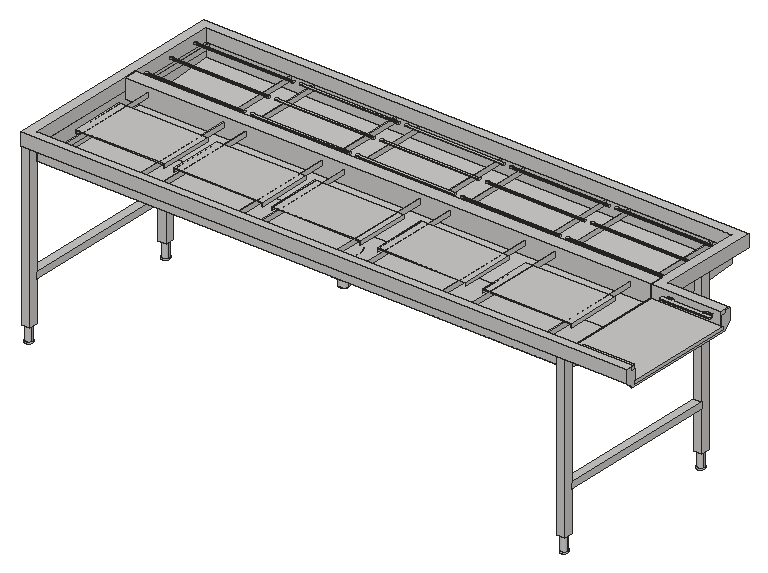
Revit family "QF_ELECTROLUXPROFESSIONAL_865467_HSDDS5RL", category Specialty Equipment, Revit 2018
Family settings
  Round Connector Dimension = Use Diameter
  Part Type = Normal
  Work Plane-Based = No
  Always vertical = Yes
  Cut with Voids When Loaded = No
  Shared = No
  Room Calculation Point = No
Parameters
  Weight = 0.00 kg
  Watts = 0 W
  Volts = 0 V
  URL Manufacturer = ""
  Steam Supply Size = 0 mm
  Steam Supply Minimum Pressure = 0.0 Pa
  Steam Supply Maximum Pressure = 0.0 Pa
  Steam Pounds per Hour = 0
  Refrigeration Suction Line Size = 0 mm
  Refrigeration Liquid Line Size = 0 mm
  Refrigerant Compressor Remote = yes
  Phase = 0
  Length Actual = 0 mm
  Item Number = ""
  Hot Water Size = 0 mm
  Height Actual = 0 mm
  HP = ""
  Gas Size = 0 mm
  Gas KW = 0
  Gas Input Pressure = 0 W
  Depth Actual = 0 mm
  Cycle = 0 Hz
  Condensate Return Size = 0 mm
  Compressed Air Volume = 0.0 L/s
  Compressed Air Size = 0 mm
  Compressed Air Pressure = 0.0 Pa
  Cold Water Size = 0 mm
  Accessory = yes
Reference planes
  plane 1: z = 0
  plane 2 "R": x = 1320
  plane 3: z = 910
  plane 4: z = 0
  plane 5: z = 300
  plane 6 "BACK": y = 310
  plane 7 "FRONT": y = -800
  plane 8 "LEFT": x = -1320
  plane 9: x = 0
  plane 10: y = -310
  plane 11 "RIGHT": x = 1620
Forms (mm)
  Extrusion 1, solid, material "QF_Finishes_Stainless Steel"
    sketch origin (0, -490, 0) x (-1, 0, 0) y (0, -1, 0)
      loop
        line (1320, -800) -> (1320, 310) -> (-1617.022, 310) -> (-1617.022, 265) -> (1275, 265) -> (1275, -755) -> (-1275, -755) -> (-1275, -265) -> (-1617.022, -265) -> (-1617.022, -310) -> (-1320, -310) -> (-1320, -800) -> (1320, -800)
    from 850.091 to 910
  Extrusion 2, solid, material "QF_Finishes_Stainless Steel"
    sketch origin (0, -490, 0) x (0, -1, 0) y (0, 0, 1)
      loop
        line (-756.248, 850.091) -> (-756.248, 781.928) -> (-131.216, 738.138) -> (130.849, 738.138) -> (266.249, 782.13) -> (266.249, 850.091) -> (265, 850.091) -> (265, 784.879) -> (130.374, 741.138) -> (-131.111, 741.138) -> (-755, 784.848) -> (-755, 850.091) -> (-756.248, 850.091)
    from -1275 to 1275
  Revolve 3, solid, material "QF_Finishes_Stainless Steel"
    sketch origin (0, -490.526, -123.199) x (-1, 0, 0) y (0, 0, 1)
      loop
        line (76.494, 861.337) -> (0, 861.337) -> (0, 697.377) -> (21.946, 697.377) -> (23.47, 698.838) -> (23.47, 734.749) -> (37.25, 740.749) -> (37.25, 742.336) -> (38.457, 743.987) -> (38.457, 746.476)
        arc (38.457, 746.476) -> (65.844, 763.962) -> (76.494, 794.661) r 49.516
        line (76.494, 794.661) -> (76.494, 834.985)
        arc (76.494, 834.985) -> (75.887, 836.598) -> (74.377, 837.43) r 2.49
        arc (74.377, 837.43) -> (71.083, 841.301) -> (74.39, 845.16) r 3.913
        arc (74.39, 845.16) -> (75.89, 845.987) -> (76.494, 847.59) r 2.474
        line (76.494, 847.59) -> (76.494, 861.337)
      axis (0, 861.337) -> (0, 697.377)
    angle from 0 to 360
  Extrusion 4, solid, material "QF_Finishes_Stainless Steel"
    sketch origin (0, -490, 0) x (-1, 0, 0) y (0, -1, 0)
      loop
        line (-1275, -330.124) -> (1275, -330.124) -> (1275, -265) -> (-1275, -265) -> (-1275, -330.124)
    from 820 to 910
  Extrusion 5, solid, material "QF_Finishes_Stainless Steel"
    sketch origin (6.015, -490, -602.691) x (-1, 0, 0) y (0, -1, 0)
      loop
        line (1283.015, 266.249) -> (1283.015, -521.738) -> (1323.015, -521.738) -> (1323.015, 266.249) -> (1283.015, 266.249)
    from 872.691 to 902.691
  Extrusion 6, solid, material "QF_Finishes_Stainless Steel"
    sketch origin (-1277, -490, 0) x (0, -1, 0) y (0, 0, 1)
      loop
        line (-756.248, 781.928) -> (-131.216, 738.138) -> (130.849, 738.138) -> (266.249, 782.13) -> (266.249, 850.091) -> (-756.248, 850.091) -> (-756.248, 781.928)
    from 0 to -2
  Extrusion 7, solid, material "QF_Finishes_Stainless Steel"
    sketch origin (-6, -490.054, -598.981) x (1, 0, 0) y (0, 1, 0)
      loop
        line (1283, -266.195) -> (1323, -266.195) -> (1323, 521.792) -> (1283, 521.792) -> (1283, -266.195)
    from 869.081 to 898.981
  Extrusion 8, solid, material "QF_Finishes_Stainless Steel"
    sketch origin (0, -482.737, 2.863) x (-1, 0, 0) y (0, -1, 0)
      loop
        line (-200.029, -694.438) -> (-196.981, -694.438) -> (-196.981, -322.861) -> (-200.029, -322.861) -> (-200.029, -694.438)
      loop
        line (196.981, -694.438) -> (200.029, -694.438) -> (200.029, -322.861) -> (196.981, -322.861) -> (196.981, -694.438)
      loop
        line (1220.049, -694.438) -> (1220.049, -322.861) -> (1217.001, -322.861) -> (1217.001, -694.438) -> (1220.049, -694.438)
      loop
        line (823.039, -694.438) -> (823.039, -322.861) -> (819.991, -322.861) -> (819.991, -694.438) -> (823.039, -694.438)
      loop
        line (710.007, -694.438) -> (710.007, -322.861) -> (707.023, -322.861) -> (707.023, -694.438) -> (710.007, -694.438)
      loop
        line (312.997, -694.438) -> (312.997, -322.861) -> (310.013, -322.861) -> (310.013, -694.438) -> (312.997, -694.438)
      loop
        line (-710.071, -694.438) -> (-707.023, -694.438) -> (-707.023, -322.861) -> (-710.071, -322.861) -> (-710.071, -694.438)
      loop
        line (-313.061, -694.438) -> (-310.013, -694.438) -> (-310.013, -322.861) -> (-313.061, -322.861) -> (-313.061, -694.438)
      loop
        line (-1220.112, -694.438) -> (-1217.064, -694.438) -> (-1217.064, -322.861) -> (-1220.112, -322.861) -> (-1220.112, -694.438)
      loop
        line (-823.103, -694.438) -> (-820.055, -694.438) -> (-820.055, -322.861) -> (-823.103, -322.861) -> (-823.103, -694.438)
    from 860 to 881.896
  Extrusion 9, solid, material "QF_Finishes_Stainless Steel"
    sketch origin (-2327.512, -755, 0) x (0, -1, 0) y (0, 0, -1)
      loop
        circle (-937.158, -888.745) r 3.985
      loop
        circle (-788.819, -888.745) r 3.985
      loop
        circle (-640.48, -888.745) r 3.985
    from 1067.5 to 1547.5
  Extrusion 10, solid, material "QF_Finishes_Stainless Steel"
    sketch origin (-1817.533, -755, 0) x (0, -1, 0) y (0, 0, -1)
      loop
        circle (-937.158, -888.745) r 3.985
      loop
        circle (-788.819, -888.745) r 3.985
      loop
        circle (-640.48, -888.745) r 3.985
    from 1067.5 to 1547.5
  Extrusion 11, solid, material "QF_Finishes_Stainless Steel"
    sketch origin (-1307.491, -755, 0) x (0, -1, 0) y (0, 0, -1)
      loop
        circle (-937.158, -888.745) r 3.985
      loop
        circle (-788.819, -888.745) r 3.985
      loop
        circle (-640.48, -888.745) r 3.985
    from 1067.5 to 1547.5
  Extrusion 12, solid, material "QF_Finishes_Stainless Steel"
    sketch origin (-275, 1800.751, 0) x (0, -1, 0) y (0, 0, -1)
      loop
        line (2597.773, -875) -> (2597.773, -872) -> (2557, -872) -> (2557, -875) -> (2597.773, -875)
    from 0 to 530
  Extrusion 13, solid, material "QF_Finishes_Stainless Steel"
    sketch origin (0, -490, 0) x (1, 0, 0) y (0, 0, -1)
      loop
        line (-1159.991, -862.863) -> (-1163.039, -862.863) -> (-1163.039, -884.759) -> (-1159.991, -884.759) -> (-1159.991, -862.863)
      loop
        line (-794.991, -862.863) -> (-798.039, -862.863) -> (-798.039, -884.759) -> (-794.991, -884.759) -> (-794.991, -862.863)
      loop
        line (-684.991, -862.863) -> (-688.039, -862.863) -> (-688.039, -884.759) -> (-684.991, -884.759) -> (-684.991, -862.863)
      loop
        line (-319.991, -862.863) -> (-323.039, -862.863) -> (-323.039, -884.759) -> (-319.991, -884.759) -> (-319.991, -862.863)
      loop
        line (-209.991, -862.863) -> (-213.039, -862.863) -> (-213.039, -884.759) -> (-209.991, -884.759) -> (-209.991, -862.863)
      loop
        line (155.009, -862.863) -> (151.961, -862.863) -> (151.961, -884.759) -> (155.009, -884.759) -> (155.009, -862.863)
      loop
        line (300.048, -862.863) -> (297, -862.863) -> (297, -884.759) -> (300.048, -884.759) -> (300.048, -862.863)
      loop
        line (665.048, -862.863) -> (662, -862.863) -> (662, -884.759) -> (665.048, -884.759) -> (665.048, -862.863)
      loop
        line (810.048, -862.863) -> (807, -862.863) -> (807, -884.759) -> (810.048, -884.759) -> (810.048, -862.863)
      loop
        line (1175.048, -862.863) -> (1172, -862.863) -> (1172, -884.759) -> (1175.048, -884.759) -> (1175.048, -862.863)
    from -265 to 265
  Extrusion 14, solid, material "QF_Finishes_Stainless Steel"
    sketch origin (2.5, -490, 0) x (1, 0, 0) y (0, 0, -1)
      loop
        line (-769.039, -884.759) -> (-1193.039, -884.759) -> (-1193.039, -871.646) -> (-1196.039, -871.646) -> (-1196.039, -887.746) -> (-766.039, -887.746) -> (-766.039, -871.646) -> (-769.039, -871.646) -> (-769.039, -884.759)
    from -130.374 to 131.111
  Extrusion 15, solid, material "QF_Finishes_Stainless Steel"
    sketch origin (477.5, -490, 0) x (1, 0, 0) y (0, 0, -1)
      loop
        line (-769.039, -884.759) -> (-1193.039, -884.759) -> (-1193.039, -871.646) -> (-1196.039, -871.646) -> (-1196.039, -887.746) -> (-766.039, -887.746) -> (-766.039, -871.646) -> (-769.039, -871.646) -> (-769.039, -884.759)
    from -130.374 to 131.111
  Extrusion 16, solid, material "QF_Finishes_Stainless Steel"
    sketch origin (952.5, -490, 0) x (1, 0, 0) y (0, 0, -1)
      loop
        line (-769.039, -884.759) -> (-1193.039, -884.759) -> (-1193.039, -871.646) -> (-1196.039, -871.646) -> (-1196.039, -887.746) -> (-766.039, -887.746) -> (-766.039, -871.646) -> (-769.039, -871.646) -> (-769.039, -884.759)
    from -130.374 to 131.111
  Extrusion 17, solid, material "QF_Finishes_Stainless Steel"
    sketch origin (-797.45, -755, 0) x (0, -1, 0) y (0, 0, -1)
      loop
        circle (-937.158, -888.745) r 3.985
      loop
        circle (-788.819, -888.745) r 3.985
      loop
        circle (-640.48, -888.745) r 3.985
    from 1067.5 to 1547.5
  Extrusion 18, solid, material "QF_Finishes_Stainless Steel"
    sketch origin (1462.542, -490, 0) x (1, 0, 0) y (0, 0, -1)
      loop
        line (-769.039, -884.759) -> (-1193.039, -884.759) -> (-1193.039, -871.646) -> (-1196.039, -871.646) -> (-1196.039, -887.746) -> (-766.039, -887.746) -> (-766.039, -871.646) -> (-769.039, -871.646) -> (-769.039, -884.759)
    from -130.374 to 131.111
  Extrusion 19, solid, material "QF_Finishes_Stainless Steel"
    sketch origin (1277, -490, 0) x (0, -1, 0) y (0, 0, -1)
      loop
        line (-756.248, -850.091) -> (266.249, -850.091) -> (266.249, -782.13) -> (130.849, -738.138) -> (-131.216, -738.138) -> (-756.248, -781.928) -> (-756.248, -850.091)
    from 0 to -2
  Extrusion 20, solid, material "QF_Finishes_Stainless Steel"
    sketch origin (2067.022, -542.5, 35) x (0, -1, 0) y (0, 0, -1)
      loop
        line (-362.5, -815.091) -> (-362.5, -875) -> (-340, -875) -> (-340, -860) -> (-317.5, -860) -> (-317.5, -808.439) -> (212.5, -808.439) -> (212.5, -860) -> (235, -860) -> (235, -875) -> (257.5, -875) -> (257.5, -815.091) -> (229.909, -787.5) -> (-334.909, -787.5) -> (-362.5, -815.091)
    from -450 to -447.022
  Extrusion 21, solid, material "QF_Finishes_Stainless Steel"
    sketch origin (1020, -490, 0) x (1, 0, 0) y (0, 0, -1)
      loop
        line (597.022, -843.439) -> (257, -847.567) -> (257, -850.068) -> (602.5, -846.169) -> (602.5, -833.439) -> (600, -833.439) -> (600, -843.439) -> (597.022, -843.439)
    from -266.249 to 265
  Extrusion 22, solid, material "QF_Finishes_Stainless Steel"
    sketch origin (1020, -490, 0) x (1, 0, 0) y (0, 1, 0)
      loop
        line (330.912, -247.069) -> (375.912, -247.069) -> (360.435, -262.546) -> (340.435, -262.546) -> (340.435, -265) -> (361.517, -265) -> (379.448, -247.069) -> (516.464, -247.069) -> (534.395, -265) -> (555.477, -265) -> (555.477, -262.546) -> (535.477, -262.546) -> (520, -247.069) -> (565, -247.069)
        arc (565, -247.069) -> (568.536, -245.605) -> (570, -242.069) r 5
        line (570, -242.069) -> (570, -232.503)
        arc (570, -232.503) -> (568.536, -228.968) -> (565, -227.503) r 5
        line (565, -227.503) -> (330.912, -227.503)
        arc (330.912, -227.503) -> (327.376, -228.968) -> (325.912, -232.503) r 5
        line (325.912, -232.503) -> (325.912, -242.069)
        arc (325.912, -242.069) -> (327.376, -245.605) -> (330.912, -247.069) r 5
    from 884.759 to 887.746
  Extrusion 23, solid, material "QF_Finishes_Stainless Steel"
    sketch origin (1020, -490, 0) x (1, 0, 0) y (0, 1, 0)
      loop
        arc (330.912, 247.069) -> (327.376, 245.605) -> (325.912, 242.069) r 5
        line (325.912, 242.069) -> (325.912, 232.503)
        arc (325.912, 232.503) -> (327.376, 228.968) -> (330.912, 227.503) r 5
        line (330.912, 227.503) -> (565, 227.503)
        arc (565, 227.503) -> (568.536, 228.968) -> (570, 232.503) r 5
        line (570, 232.503) -> (570, 242.069)
        arc (570, 242.069) -> (568.536, 245.605) -> (565, 247.069) r 5
        line (565, 247.069) -> (520, 247.069) -> (535.477, 262.546) -> (555.477, 262.546) -> (555.477, 265) -> (534.395, 265) -> (516.464, 247.069) -> (379.448, 247.069) -> (361.517, 265) -> (340.435, 265) -> (340.435, 262.546) -> (360.435, 262.546) -> (375.912, 247.069) -> (330.912, 247.069)
    from 884.759 to 887.746
  Extrusion 24, solid, material "QF_Finishes_Stainless Steel"
    sketch origin (-287.408, -755, 0) x (0, -1, 0) y (0, 0, -1)
      loop
        circle (-937.158, -888.745) r 3.985
      loop
        circle (-788.819, -888.745) r 3.985
      loop
        circle (-640.48, -888.745) r 3.985
    from 1067.5 to 1547.5
  Extrusion 25, solid, material "QF_Finishes_Stainless Steel"
    sketch origin (1972.584, -490, 0) x (1, 0, 0) y (0, 0, -1)
      loop
        line (-769.039, -884.759) -> (-1193.039, -884.759) -> (-1193.039, -871.646) -> (-1196.039, -871.646) -> (-1196.039, -887.746) -> (-766.039, -887.746) -> (-766.039, -871.646) -> (-769.039, -871.646) -> (-769.039, -884.759)
    from -130.374 to 131.111
Lines and regions (mm)
  Split face 1
    outline origin (-123.685, -489.921, 741.138) x (1, 0, 0) y (0, 1, 0)
      loop
        circle (123.685, -0.035) r 73.783
  Split face 2
    outline origin (-123.685, -489.921, 741.138) x (1, 0, 0) y (0, 1, 0)
      loop
        circle (123.685, -0.035) r 66.01
  Split face 3
    outline origin (-123.685, -489.921, 741.138) x (1, 0, 0) y (0, 1, 0)
      loop
        circle (123.685, -0.035) r 53.774
  Split face 4
    outline origin (-123.685, -489.921, 741.138) x (1, 0, 0) y (0, 1, 0)
      loop
        circle (123.685, -0.035) r 50.771
  Split face 5
    outline origin (-123.685, -489.921, 741.138) x (1, 0, 0) y (0, 1, 0)
      loop
        circle (123.685, -0.035) r 33.793
  Split face 6
    outline origin (-123.685, -489.921, 741.138) x (1, 0, 0) y (0, 1, 0)
      loop
        circle (123.685, -0.035) r 30.826
  Split face 7
    outline origin (-123.685, -489.921, 741.138) x (1, 0, 0) y (0, 1, 0)
      loop
        circle (123.685, -0.035) r 13.843
  Split face 8
    outline origin (-123.685, -489.921, 741.138) x (1, 0, 0) y (0, 1, 0)
      loop
        circle (123.685, -0.035) r 10.833
  symbolic lines
    curve 1: line (-1320, -800, 0) -> (1620, -800, 0)
    curve 2: line (-1320, 310, 0) -> (-1320, -800, 0)
    curve 3: line (1320, 310, 0) -> (-1320, 310, 0)
    curve 4: line (1320, -180, 0) -> (1320, 310, 0)
    curve 5: line (-1275, -755, 0) -> (1620, -755, 0)
    curve 6: line (-1275, 265, 0) -> (-1275, -755, 0)
    curve 7: line (1275, 265, 0) -> (-1275, 265, 0)
    curve 8: line (-1275, -225, 0) -> (1620, -225, 0)
    curve 9: line (1275, -159.876, 0) -> (-1275, -159.876, 0)
    curve 10: line (-1260.012, -118.505, 0) -> (-1260.012, -110.535, 0)
    curve 11: line (-1260.012, -110.535, 0) -> (-780.012, -110.535, 0)
    curve 12: line (-780.012, -110.535, 0) -> (-780.012, -118.505, 0)
    curve 13: line (-780.012, -118.505, 0) -> (-1260.012, -118.505, 0)
    curve 14: line (-1260.012, 29.834, 0) -> (-1260.012, 37.804, 0)
    curve 15: line (-1260.012, 37.804, 0) -> (-780.012, 37.804, 0)
    curve 16: line (-780.012, 37.804, 0) -> (-780.012, 29.834, 0)
    curve 17: line (-780.012, 29.834, 0) -> (-1260.012, 29.834, 0)
    curve 18: line (-1260.012, 178.173, 0) -> (-1260.012, 186.143, 0)
    curve 19: line (-1260.012, 186.143, 0) -> (-780.012, 186.143, 0)
    curve 20: line (-780.012, 186.143, 0) -> (-780.012, 178.173, 0)
    curve 21: line (-780.012, 178.173, 0) -> (-1260.012, 178.173, 0)
    curve 22: line (-1220.049, -159.876, 0) -> (-1220.049, -118.505, 0)
    curve 23: line (-1217.001, -159.876, 0) -> (-1217.001, -118.505, 0)
    curve 24: line (-1220.049, -110.535, 0) -> (-1220.049, 29.834, 0)
    curve 25: line (-1220.049, 211.7, 0) -> (-1220.049, 186.143, 0)
    curve 26: line (-1220.049, 211.7, 0) -> (-1217.001, 211.7, 0)
    curve 27: line (-1217.001, 211.7, 0) -> (-1217.001, 186.143, 0)
    curve 28: line (-1220.049, 178.173, 0) -> (-1220.049, 37.804, 0)
    curve 29: line (-1217.001, 37.804, 0) -> (-1217.001, 178.173, 0)
    curve 30: line (-1217.001, 29.834, 0) -> (-1217.001, -110.535, 0)
    curve 31: line (-823.039, -159.876, 0) -> (-823.039, -118.505, 0)
    curve 32: line (-819.992, -159.876, 0) -> (-819.992, -118.505, 0)
    curve 33: line (-823.039, -110.535, 0) -> (-823.039, 29.834, 0)
    curve 34: line (-823.039, 211.7, 0) -> (-823.039, 186.143, 0)
    curve 35: line (-823.039, 211.7, 0) -> (-819.992, 211.7, 0)
    curve 36: line (-819.992, 211.7, 0) -> (-819.992, 186.143, 0)
    curve 37: line (-823.039, 178.173, 0) -> (-823.039, 37.804, 0)
    curve 38: line (-819.992, 37.804, 0) -> (-819.992, 178.173, 0)
    curve 39: line (-819.992, 29.834, 0) -> (-819.992, -110.535, 0)
    curve 40: line (-750.033, -118.505, 0) -> (-750.033, -110.535, 0)
    curve 41: line (-750.033, -110.535, 0) -> (-270.033, -110.535, 0)
    curve 42: line (-270.033, -110.535, 0) -> (-270.033, -118.505, 0)
    curve 43: line (-270.033, -118.505, 0) -> (-750.033, -118.505, 0)
    curve 44: line (-750.033, 29.834, 0) -> (-750.033, 37.804, 0)
    curve 45: line (-750.033, 37.804, 0) -> (-270.033, 37.804, 0)
    curve 46: line (-270.033, 37.804, 0) -> (-270.033, 29.834, 0)
    curve 47: line (-270.033, 29.834, 0) -> (-750.033, 29.834, 0)
    curve 48: line (-750.033, 178.173, 0) -> (-750.033, 186.143, 0)
    curve 49: line (-750.033, 186.143, 0) -> (-270.033, 186.143, 0)
    curve 50: line (-270.033, 186.143, 0) -> (-270.033, 178.173, 0)
    curve 51: line (-270.033, 178.173, 0) -> (-750.033, 178.173, 0)
    curve 52: line (-710.071, -159.876, 0) -> (-710.071, -118.505, 0)
    curve 53: line (-707.023, -159.876, 0) -> (-707.023, -118.505, 0)
    curve 54: line (-710.071, -110.535, 0) -> (-710.071, 29.834, 0)
    curve 55: line (-710.071, 211.7, 0) -> (-710.071, 186.143, 0)
    curve 56: line (-710.071, 211.7, 0) -> (-707.023, 211.7, 0)
    curve 57: line (-707.023, 211.7, 0) -> (-707.023, 186.143, 0)
    curve 58: line (-710.071, 178.173, 0) -> (-710.071, 37.804, 0)
    curve 59: line (-707.023, 37.804, 0) -> (-707.023, 178.173, 0)
    curve 60: line (-707.023, 29.834, 0) -> (-707.023, -110.535, 0)
    curve 61: line (-313.061, -159.876, 0) -> (-313.061, -118.505, 0)
    curve 62: line (-310.013, -159.876, 0) -> (-310.013, -118.505, 0)
    curve 63: line (-313.061, -110.535, 0) -> (-313.061, 29.834, 0)
    curve 64: line (-313.061, 211.7, 0) -> (-313.061, 186.143, 0)
    curve 65: line (-313.061, 211.7, 0) -> (-310.013, 211.7, 0)
    curve 66: line (-310.013, 211.7, 0) -> (-310.013, 186.143, 0)
    curve 67: line (-313.061, 178.173, 0) -> (-313.061, 37.804, 0)
    curve 68: line (-310.013, 37.804, 0) -> (-310.013, 178.173, 0)
    curve 69: line (-310.013, 29.834, 0) -> (-310.013, -110.535, 0)
    curve 70: line (-239.991, -118.505, 0) -> (-239.991, -110.535, 0)
    curve 71: line (-239.991, -110.535, 0) -> (240.009, -110.535, 0)
    curve 72: line (240.009, -110.535, 0) -> (240.009, -118.505, 0)
    curve 73: line (240.009, -118.505, 0) -> (-239.991, -118.505, 0)
    curve 74: line (-239.991, 29.834, 0) -> (-239.991, 37.804, 0)
    curve 75: line (-239.991, 37.804, 0) -> (240.009, 37.804, 0)
    curve 76: line (240.009, 37.804, 0) -> (240.009, 29.834, 0)
    curve 77: line (240.009, 29.834, 0) -> (-239.991, 29.834, 0)
    curve 78: line (-239.991, 178.173, 0) -> (-239.991, 186.143, 0)
    curve 79: line (-239.991, 186.143, 0) -> (240.009, 186.143, 0)
    curve 80: line (240.009, 186.143, 0) -> (240.009, 178.173, 0)
    curve 81: line (240.009, 178.173, 0) -> (-239.991, 178.173, 0)
    curve 82: line (-200.029, -159.876, 0) -> (-200.029, -118.505, 0)
    curve 83: line (-196.981, -159.876, 0) -> (-196.981, -118.505, 0)
    curve 84: line (-200.029, -110.535, 0) -> (-200.029, 29.834, 0)
    curve 85: line (-200.029, 211.7, 0) -> (-200.029, 186.143, 0)
    curve 86: line (-200.029, 211.7, 0) -> (-196.981, 211.7, 0)
    curve 87: line (-196.981, 211.7, 0) -> (-196.981, 186.143, 0)
    curve 88: line (-200.029, 178.173, 0) -> (-200.029, 37.804, 0)
    curve 89: line (-196.981, 37.804, 0) -> (-196.981, 178.173, 0)
    curve 90: line (-196.981, 29.834, 0) -> (-196.981, -110.535, 0)
    curve 91: line (196.981, -159.876, 0) -> (196.981, -118.505, 0)
    curve 92: line (200.029, -159.876, 0) -> (200.029, -118.505, 0)
    curve 93: line (196.981, -110.535, 0) -> (196.981, 29.834, 0)
    curve 94: line (196.981, 211.7, 0) -> (196.981, 186.143, 0)
    curve 95: line (196.981, 211.7, 0) -> (200.029, 211.7, 0)
    curve 96: line (200.029, 211.7, 0) -> (200.029, 186.143, 0)
    curve 97: line (196.981, 178.173, 0) -> (196.981, 37.804, 0)
    curve 98: line (200.029, 37.804, 0) -> (200.029, 178.173, 0)
    curve 99: line (200.029, 29.834, 0) -> (200.029, -110.535, 0)
    curve 100: line (1275, 265, 0) -> (1275, -159.876, 0)
    curve 101: arc (-76.496, -490.526, 0) -> (0, -567.021, 0) -> (76.496, -490.526, 0) r 76.496
    curve 102: arc (76.496, -490.526, 0) -> (0, -414.03, 0) -> (-76.496, -490.526, 0) r 76.496
    curve 103: arc (21.946, -490.526, 0) -> (0, -512.472, 0) -> (-21.946, -490.526, 0) r 21.946
    curve 104: arc (-21.946, -490.526, 0) -> (0, -468.579, 0) -> (21.946, -490.526, 0) r 21.946
    curve 105: line (1320, -180, 0) -> (1620, -180, 0)
    curve 106: line (1620, -180, 0) -> (1620, -800, 0)
    curve 107: line (1620, -490, 0) -> (1590, -490, 0)
    curve 108: line (-1193.539, -620.374, 0) -> (-763.539, -620.374, 0)
    curve 109: line (-1193.539, -358.889, 0) -> (-1193.539, -620.374, 0)
    curve 110: line (-763.539, -358.889, 0) -> (-1193.539, -358.889, 0)
    curve 111: line (-763.539, -620.374, 0) -> (-763.539, -358.889, 0)
    curve 112: line (-718.539, -620.374, 0) -> (-288.539, -620.374, 0)
    curve 113: line (-718.539, -358.889, 0) -> (-718.539, -620.374, 0)
    curve 114: line (-288.539, -358.889, 0) -> (-718.539, -358.889, 0)
    curve 115: line (-288.539, -620.374, 0) -> (-288.539, -358.889, 0)
    curve 116: line (-243.539, -358.889, 0) -> (186.461, -358.889, 0)
    curve 117: line (-243.539, -620.374, 0) -> (-243.539, -358.889, 0)
    curve 118: line (186.461, -620.374, 0) -> (-243.539, -620.374, 0)
    curve 119: line (186.461, -358.889, 0) -> (186.461, -620.374, 0)
    curve 120: line (-1163.039, -755, 0) -> (-1163.039, -620.374, 0)
    curve 121: line (-1159.991, -620.374, 0) -> (-1159.991, -755, 0)
    curve 122: line (-1163.039, -225, 0) -> (-1163.039, -358.889, 0)
    curve 123: line (-1159.991, -358.889, 0) -> (-1159.991, -225, 0)
    curve 124: line (-798.039, -755, 0) -> (-798.039, -620.374, 0)
    curve 125: line (-794.991, -620.374, 0) -> (-794.991, -755, 0)
    curve 126: line (-798.039, -225, 0) -> (-798.039, -358.889, 0)
    curve 127: line (-794.991, -358.889, 0) -> (-794.991, -225, 0)
    curve 128: line (-688.039, -755, 0) -> (-688.039, -620.374, 0)
    curve 129: line (-684.991, -620.374, 0) -> (-684.991, -755, 0)
    curve 130: line (-688.039, -225, 0) -> (-688.039, -358.889, 0)
    curve 131: line (-684.991, -358.889, 0) -> (-684.991, -225, 0)
    curve 132: line (-323.039, -755, 0) -> (-323.039, -620.374, 0)
    curve 133: line (-319.991, -620.374, 0) -> (-319.991, -755, 0)
    curve 134: line (-323.039, -225, 0) -> (-323.039, -358.889, 0)
    curve 135: line (-319.991, -358.889, 0) -> (-319.991, -225, 0)
    curve 136: line (-213.039, -755, 0) -> (-213.039, -620.374, 0)
    curve 137: line (-209.991, -620.374, 0) -> (-209.991, -755, 0)
    curve 138: line (-213.039, -225, 0) -> (-213.039, -358.889, 0)
    curve 139: line (-209.991, -358.889, 0) -> (-209.991, -225, 0)
    curve 140: line (151.961, -755, 0) -> (151.961, -620.374, 0)
    curve 141: line (155.009, -620.374, 0) -> (155.009, -755, 0)
    curve 142: line (151.961, -225, 0) -> (151.961, -358.889, 0)
    curve 143: line (155.009, -358.889, 0) -> (155.009, -225, 0)
    curve 144: line (1317, -225, 0) -> (1317, -755, 0)
    curve 145: line (270.05, -118.505, 0) -> (270.05, -110.535, 0)
    curve 146: line (270.05, -110.535, 0) -> (750.05, -110.535, 0)
    curve 147: line (750.05, -110.535, 0) -> (750.05, -118.505, 0)
    curve 148: line (750.05, -118.505, 0) -> (270.05, -118.505, 0)
    curve 149: line (270.05, 29.834, 0) -> (270.05, 37.804, 0)
    curve 150: line (270.05, 37.804, 0) -> (750.05, 37.804, 0)
    curve 151: line (750.05, 37.804, 0) -> (750.05, 29.834, 0)
    curve 152: line (750.05, 29.834, 0) -> (270.05, 29.834, 0)
    curve 153: line (270.05, 178.173, 0) -> (270.05, 186.143, 0)
    curve 154: line (270.05, 186.143, 0) -> (750.05, 186.143, 0)
    curve 155: line (750.05, 186.143, 0) -> (750.05, 178.173, 0)
    curve 156: line (750.05, 178.173, 0) -> (270.05, 178.173, 0)
    curve 157: line (310.013, -159.876, 0) -> (310.013, -118.505, 0)
    curve 158: line (313.061, -159.876, 0) -> (313.061, -118.505, 0)
    curve 159: line (310.013, -110.535, 0) -> (310.013, 29.834, 0)
    curve 160: line (310.013, 211.7, 0) -> (310.013, 186.143, 0)
    curve 161: line (310.013, 211.7, 0) -> (313.061, 211.7, 0)
    curve 162: line (313.061, 211.7, 0) -> (313.061, 186.143, 0)
    curve 163: line (310.013, 178.173, 0) -> (310.013, 37.804, 0)
    curve 164: line (313.061, 37.804, 0) -> (313.061, 178.173, 0)
    curve 165: line (313.061, 29.834, 0) -> (313.061, -110.535, 0)
    curve 166: line (707.023, -159.876, 0) -> (707.023, -118.505, 0)
    curve 167: line (710.07, -159.876, 0) -> (710.07, -118.505, 0)
    curve 168: line (707.023, -110.535, 0) -> (707.023, 29.834, 0)
    curve 169: line (707.023, 211.7, 0) -> (707.023, 186.143, 0)
    curve 170: line (707.023, 211.7, 0) -> (710.07, 211.7, 0)
    curve 171: line (710.07, 211.7, 0) -> (710.07, 186.143, 0)
    curve 172: line (707.023, 178.173, 0) -> (707.023, 37.804, 0)
    curve 173: line (710.07, 37.804, 0) -> (710.07, 178.173, 0)
    curve 174: line (710.07, 29.834, 0) -> (710.07, -110.535, 0)
    curve 175: line (266.502, -358.889, 0) -> (696.502, -358.889, 0)
    curve 176: line (266.502, -620.374, 0) -> (266.502, -358.889, 0)
    curve 177: line (696.502, -620.374, 0) -> (266.502, -620.374, 0)
    curve 178: line (696.502, -358.889, 0) -> (696.502, -620.374, 0)
    curve 179: line (297.002, -755, 0) -> (297.002, -620.374, 0)
    curve 180: line (300.05, -620.374, 0) -> (300.05, -755, 0)
    curve 181: line (297.002, -225, 0) -> (297.002, -358.889, 0)
    curve 182: line (300.05, -358.889, 0) -> (300.05, -225, 0)
    curve 183: line (662.002, -755, 0) -> (662.002, -620.374, 0)
    curve 184: line (665.05, -620.374, 0) -> (665.05, -755, 0)
    curve 185: line (662.002, -225, 0) -> (662.002, -358.889, 0)
    curve 186: line (665.05, -358.889, 0) -> (665.05, -225, 0)
    curve 187: line (1350.912, -717.503, 0) -> (1585, -717.503, 0)
    curve 188: arc (1585, -717.503, 0) -> (1588.536, -718.968, 0) -> (1590, -722.503, 0) r 5
    curve 189: line (1590, -722.503, 0) -> (1590, -732.069, 0)
    curve 190: arc (1590, -732.069, 0) -> (1588.536, -735.605, 0) -> (1585, -737.069, 0) r 5
    curve 191: line (1585, -737.069, 0) -> (1540, -737.069, 0)
    curve 192: line (1540, -737.069, 0) -> (1555.477, -752.546, 0)
    curve 193: line (1555.477, -752.546, 0) -> (1575.477, -752.546, 0)
    curve 194: line (1575.477, -752.546, 0) -> (1575.477, -755, 0)
    curve 195: line (1554.395, -755, 0) -> (1536.464, -737.069, 0)
    curve 196: line (1536.464, -737.069, 0) -> (1399.448, -737.069, 0)
    curve 197: line (1399.448, -737.069, 0) -> (1381.517, -755, 0)
    curve 198: line (1360.435, -755, 0) -> (1360.435, -752.546, 0)
    curve 199: line (1360.435, -752.546, 0) -> (1380.435, -752.546, 0)
    curve 200: line (1380.435, -752.546, 0) -> (1395.912, -737.069, 0)
    curve 201: line (1395.912, -737.069, 0) -> (1350.912, -737.069, 0)
    curve 202: arc (1350.912, -737.069, 0) -> (1347.376, -735.605, 0) -> (1345.912, -732.069, 0) r 5
    curve 203: line (1345.912, -732.069, 0) -> (1345.912, -722.503, 0)
    curve 204: arc (1345.912, -722.503, 0) -> (1347.376, -718.968, 0) -> (1350.912, -717.503, 0) r 5
    curve 205: line (1350.912, -262.497, 0) -> (1585, -262.497, 0)
    curve 206: arc (1585, -262.497, 0) -> (1588.536, -261.032, 0) -> (1590, -257.497, 0) r 5
    curve 207: line (1590, -257.497, 0) -> (1590, -247.931, 0)
    curve 208: arc (1590, -247.931, 0) -> (1588.536, -244.395, 0) -> (1585, -242.931, 0) r 5
    curve 209: line (1585, -242.931, 0) -> (1540, -242.931, 0)
    curve 210: line (1540, -242.931, 0) -> (1555.477, -227.454, 0)
    curve 211: line (1555.477, -227.454, 0) -> (1575.477, -227.454, 0)
    curve 212: line (1575.477, -227.454, 0) -> (1575.477, -225, 0)
    curve 213: line (1554.395, -225, 0) -> (1536.464, -242.931, 0)
    curve 214: line (1536.464, -242.931, 0) -> (1399.448, -242.931, 0)
    curve 215: line (1399.448, -242.931, 0) -> (1381.517, -225, 0)
    curve 216: line (1360.435, -225, 0) -> (1360.435, -227.454, 0)
    curve 217: line (1360.435, -227.454, 0) -> (1380.435, -227.454, 0)
    curve 218: line (1380.435, -227.454, 0) -> (1395.912, -242.931, 0)
    curve 219: line (1395.912, -242.931, 0) -> (1350.912, -242.931, 0)
    curve 220: arc (1350.912, -242.931, 0) -> (1347.376, -244.395, 0) -> (1345.912, -247.931, 0) r 5
    curve 221: line (1345.912, -247.931, 0) -> (1345.912, -257.497, 0)
    curve 222: arc (1345.912, -257.497, 0) -> (1347.376, -261.032, 0) -> (1350.912, -262.497, 0) r 5
    curve 223: line (780.092, -118.505, 0) -> (780.092, -110.535, 0)
    curve 224: line (780.092, -110.535, 0) -> (1260.092, -110.535, 0)
    curve 225: line (1260.092, -110.535, 0) -> (1260.092, -118.505, 0)
    curve 226: line (1260.092, -118.505, 0) -> (780.092, -118.505, 0)
    curve 227: line (780.092, 29.834, 0) -> (780.092, 37.804, 0)
    curve 228: line (780.092, 37.804, 0) -> (1260.092, 37.804, 0)
    curve 229: line (1260.092, 37.804, 0) -> (1260.092, 29.834, 0)
    curve 230: line (1260.092, 29.834, 0) -> (780.092, 29.834, 0)
    curve 231: line (780.092, 178.173, 0) -> (780.092, 186.143, 0)
    curve 232: line (780.092, 186.143, 0) -> (1260.092, 186.143, 0)
    curve 233: line (1260.092, 186.143, 0) -> (1260.092, 178.173, 0)
    curve 234: line (1260.092, 178.173, 0) -> (780.092, 178.173, 0)
    curve 235: line (820.055, -159.876, 0) -> (820.055, -118.505, 0)
    curve 236: line (823.103, -159.876, 0) -> (823.103, -118.505, 0)
    curve 237: line (820.055, -110.535, 0) -> (820.055, 29.834, 0)
    curve 238: line (820.055, 211.7, 0) -> (820.055, 186.143, 0)
    curve 239: line (820.055, 211.7, 0) -> (823.103, 211.7, 0)
    curve 240: line (823.103, 211.7, 0) -> (823.103, 186.143, 0)
    curve 241: line (820.055, 178.173, 0) -> (820.055, 37.804, 0)
    curve 242: line (823.103, 37.804, 0) -> (823.103, 178.173, 0)
    curve 243: line (823.103, 29.834, 0) -> (823.103, -110.535, 0)
    curve 244: line (1217.064, -159.876, 0) -> (1217.064, -118.505, 0)
    curve 245: line (1220.112, -159.876, 0) -> (1220.112, -118.505, 0)
    curve 246: line (1217.064, -110.535, 0) -> (1217.064, 29.834, 0)
    curve 247: line (1217.064, 211.7, 0) -> (1217.064, 186.143, 0)
    curve 248: line (1217.064, 211.7, 0) -> (1220.112, 211.7, 0)
    curve 249: line (1220.112, 211.7, 0) -> (1220.112, 186.143, 0)
    curve 250: line (1217.064, 178.173, 0) -> (1217.064, 37.804, 0)
    curve 251: line (1220.112, 37.804, 0) -> (1220.112, 178.173, 0)
    curve 252: line (1220.112, 29.834, 0) -> (1220.112, -110.535, 0)
    curve 253: line (776.544, -358.889, 0) -> (1206.544, -358.889, 0)
    curve 254: line (776.544, -620.374, 0) -> (776.544, -358.889, 0)
    curve 255: line (1206.544, -620.374, 0) -> (776.544, -620.374, 0)
    curve 256: line (1206.544, -358.889, 0) -> (1206.544, -620.374, 0)
    curve 257: line (807.044, -755, 0) -> (807.044, -620.374, 0)
    curve 258: line (810.092, -620.374, 0) -> (810.092, -755, 0)
    curve 259: line (807.044, -225, 0) -> (807.044, -358.889, 0)
    curve 260: line (810.092, -358.889, 0) -> (810.092, -225, 0)
    curve 261: line (1172.044, -755, 0) -> (1172.044, -620.374, 0)
    curve 262: line (1175.092, -620.374, 0) -> (1175.092, -755, 0)
    curve 263: line (1172.044, -225, 0) -> (1172.044, -358.889, 0)
    curve 264: line (1175.092, -358.889, 0) -> (1175.092, -225, 0)
Dimensions and locks
  plane 3 to level = 910 mm
  plane 8 "LEFT" to plane 2 "R" = 2640 mm
  plane 6 "BACK" to plane 7 "FRONT" = 1110 mm
  plane 9 to plane 2 "R" = 1320 mm
  plane 6 "BACK" to plane 10 = 620 mm
  plane 8 "LEFT" to plane 11 "RIGHT" = 2940 mm
  locked: plane 2 "R" to plane 11 "RIGHT" at 300
  aligned and locked: level to plane 1
Nested families
  nested 1: "Foot_40x40" at (-1297, 51.738, 0), type "Foot_40x40"
    with A 850.091 mm
  nested 2: "Foot_40x40" at (-1297, -776.249, 0), type "Foot_40x40"
    with A 850.091 mm
  nested 3: "Foot_40x40" at (1297, 51.738, 0) x (-1, 0, 0) z (0, 0, 1), type "Foot_40x40"
    with A 850.091 mm
  nested 4: "Foot_40x40" at (1297, -776.249, 0) x (-1, 0, 0) z (0, 0, 1), type "Foot_40x40"
    with A 850.091 mm
Connectors
  piping at (0, -490.526, 574.178), diameter 30
    settings: on Revolve 3, index 1, connector inside diameter 609.6 mm, connector length 0 mm, flow factor 0, pipe flow 0.0 L/s, pressure drop 0.0 Pa, fitting loss kfactor 0, connector angle 0.00°, fixture units 0, engagement length 0 mm, angle of deflection 0.00°, flow configuration 1, flow direction 2, fitting loss method 0, system type 16, joint type 0, gender type 0, connector reference index -1, connector utility 0, adjustable connector no, is connector primary yes, connector description "DRAIN"
Definition of nested family "Foot_40x40"
  Parameters
    A [instance] = 850 mm
  Reference planes
    plane 1 "Centro (Fronte/Retro)": y = 0
    plane 2: z = 0
    plane 3 "Centro (Sinistra/Destra)": x = 0
    plane 4: z = 850
  Forms (mm)
    Extrusion 1, solid
      sketch origin (0, 0, 0) x (1, 0, 0) y (0, 1, 0)
        loop
          circle (0, 0) r 18
      from 0 to 5
    Extrusion 2, solid
      sketch origin (0, 0, 5) x (1, 0, 0) y (0, 1, 0)
        loop
          circle (0, 0) r 15
      from 0 to 70
    Extrusion 3, solid
      sketch origin (0, 0, 75) x (1, 0, 0) y (0, 1, 0)
        loop
          line (-20, 20) -> (-20, -20) -> (20, -20) -> (20, 20) -> (-20, 20)
      from 0 to 775
  Dimensions and locks
    "A": plane 4 to plane 2
    aligned and locked: level to plane 2
    aligned and locked: plane 4 to Extrusion 3
    aligned and locked: Extrusion 1 to level
  Automatic sketch dimensions
    plane 1 "Centro (Fronte/Retro)" to Extrusion 1 sketch curve = 0 mm
    Extrusion 1 sketch curve to plane 3 "Centro (Sinistra/Destra)" = 0 mm
    Extrusion 3 sketch curve to Extrusion 3 sketch curve = 40 mm  (x2)
    radius of Extrusion 1 sketch curve = 18 mm
    radius of Extrusion 2 sketch curve to Extrusion 1 = 3 mm
